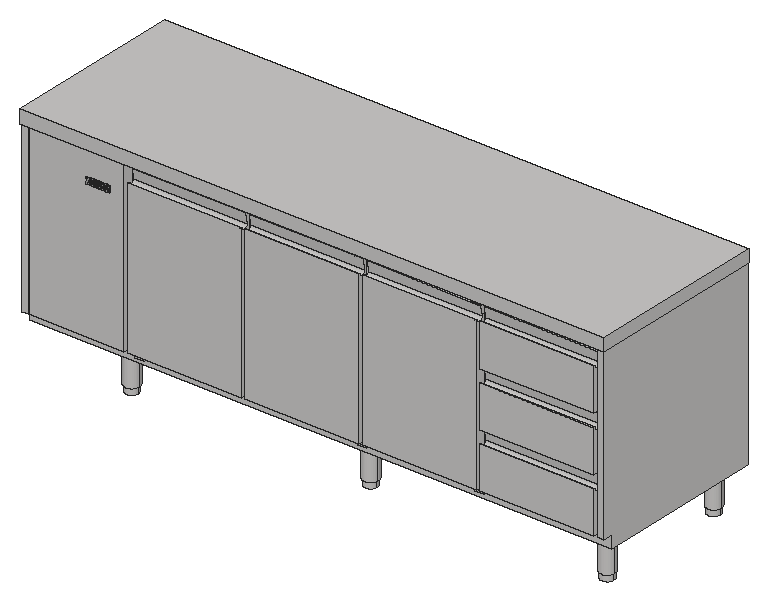
Revit family "QF_ZANUSSI_111059_ZH4HBAAAC", category Specialty Equipment, Revit 2018 (continued)
Definition of nested family "ZAN_Cooling Unit"
  Lines and regions (mm)
    Split face 120
      outline origin (55.016, 2, -185.112) x (0, 0, 1) y (-1, 0, 0)
        loop
          line (510.649, 116.535) -> (510.649, 158.547)
    Split face 121
      outline origin (55.016, 2, -197.115) x (0, 0, 1) y (-1, 0, 0)
        loop
          arc (510.649, 158.547) -> (506.648, 162.548) -> (502.647, 158.547) r 4.001
          line (502.647, 158.547) -> (502.647, 116.535)
          arc (502.647, 116.535) -> (506.648, 112.533) -> (510.649, 116.535) r 4.001
          line (510.649, 116.535) -> (510.649, 158.547)
    Split face 122
      outline origin (55.016, 2, -209.119) x (0, 0, 1) y (-1, 0, 0)
        loop
          arc (510.649, 158.547) -> (506.648, 162.548) -> (502.647, 158.547) r 4.001
          line (502.647, 158.547) -> (502.647, 116.535)
          arc (502.647, 116.535) -> (506.648, 112.533) -> (510.649, 116.535) r 4.001
          line (510.649, 116.535) -> (510.649, 158.547)
    Split face 123
      outline origin (55.016, 2, -221.122) x (0, 0, 1) y (-1, 0, 0)
        loop
          arc (510.649, 158.547) -> (506.648, 162.548) -> (502.647, 158.547) r 4.001
          line (502.647, 158.547) -> (502.647, 116.535)
          arc (502.647, 116.535) -> (506.648, 112.533) -> (510.649, 116.535) r 4.001
          line (510.649, 116.535) -> (510.649, 158.547)
    Split face 124
      outline origin (55.016, 2, -233.126) x (0, 0, 1) y (-1, 0, 0)
        loop
          arc (510.649, 158.547) -> (506.648, 162.548) -> (502.647, 158.547) r 4.001
          line (502.647, 158.547) -> (502.647, 116.535)
          arc (502.647, 116.535) -> (506.648, 112.533) -> (510.649, 116.535) r 4.001
          line (510.649, 116.535) -> (510.649, 158.547)
    Split face 125
      outline origin (55.016, 2, -245.129) x (0, 0, 1) y (-1, 0, 0)
        loop
          arc (510.649, 158.547) -> (506.648, 162.548) -> (502.647, 158.547) r 4.001
          line (502.647, 158.547) -> (502.647, 116.535)
          arc (502.647, 116.535) -> (506.648, 112.533) -> (510.649, 116.535) r 4.001
          line (510.649, 116.535) -> (510.649, 158.547)
    Split face 126
      outline origin (55.016, 2, -257.133) x (0, 0, 1) y (-1, 0, 0)
        loop
          arc (510.649, 158.547) -> (506.648, 162.548) -> (502.647, 158.547) r 4.001
          line (502.647, 158.547) -> (502.647, 116.535)
          arc (502.647, 116.535) -> (506.648, 112.533) -> (510.649, 116.535) r 4.001
          line (510.649, 116.535) -> (510.649, 158.547)
    Split face 127
      outline origin (55.016, 2, -269.136) x (0, 0, 1) y (-1, 0, 0)
        loop
          arc (510.649, 158.547) -> (506.648, 162.548) -> (502.647, 158.547) r 4.001
          line (502.647, 158.547) -> (502.647, 116.535)
          arc (502.647, 116.535) -> (506.648, 112.533) -> (510.649, 116.535) r 4.001
          line (510.649, 116.535) -> (510.649, 158.547)
    Split face 128
      outline origin (55.016, 2, -281.14) x (0, 0, 1) y (-1, 0, 0)
        loop
          arc (510.649, 158.547) -> (506.648, 162.548) -> (502.647, 158.547) r 4.001
          line (502.647, 158.547) -> (502.647, 116.535)
          arc (502.647, 116.535) -> (506.648, 112.533) -> (510.649, 116.535) r 4.001
          line (510.649, 116.535) -> (510.649, 158.547)
    Split face 129
      outline origin (55.016, 2, -293.144) x (0, 0, 1) y (-1, 0, 0)
        loop
          arc (510.649, 158.547) -> (506.648, 162.548) -> (502.647, 158.547) r 4.001
          line (502.647, 158.547) -> (502.647, 116.535)
          arc (502.647, 116.535) -> (506.648, 112.533) -> (510.649, 116.535) r 4.001
          line (510.649, 116.535) -> (510.649, 158.547)
    Split face 130
      outline origin (110.032, 2, -113.091) x (0, 0, 1) y (-1, 0, 0)
        loop
          arc (510.649, 158.547) -> (506.648, 162.548) -> (502.647, 158.547) r 4.001
          line (502.647, 158.547) -> (502.647, 116.535)
          arc (502.647, 116.535) -> (506.648, 112.533) -> (510.649, 116.535) r 4.001
          line (510.649, 116.535) -> (510.649, 158.547)
    Split face 131
      outline origin (110.032, 2, -125.094) x (0, 0, 1) y (-1, 0, 0)
        loop
          arc (510.649, 158.547) -> (506.648, 162.548) -> (502.647, 158.547) r 4.001
          line (502.647, 158.547) -> (502.647, 116.535)
          arc (502.647, 116.535) -> (506.648, 112.533) -> (510.649, 116.535) r 4.001
          line (510.649, 116.535) -> (510.649, 158.547)
    Split face 132
      outline origin (110.032, 2, -137.098) x (0, 0, 1) y (-1, 0, 0)
        loop
          arc (510.649, 158.547) -> (506.648, 162.548) -> (502.647, 158.547) r 4.001
          line (502.647, 158.547) -> (502.647, 116.535)
          arc (502.647, 116.535) -> (506.648, 112.533) -> (510.649, 116.535) r 4.001
          line (510.649, 116.535) -> (510.649, 158.547)
    Split face 133
      outline origin (110.032, 2, -149.101) x (0, 0, 1) y (-1, 0, 0)
        loop
          arc (510.649, 158.547) -> (506.648, 162.548) -> (502.647, 158.547) r 4.001
          line (502.647, 158.547) -> (502.647, 116.535)
          arc (502.647, 116.535) -> (506.648, 112.533) -> (510.649, 116.535) r 4.001
          line (510.649, 116.535) -> (510.649, 158.547)
    Split face 134
      outline origin (110.032, 2, -161.105) x (0, 0, 1) y (-1, 0, 0)
        loop
          arc (510.649, 158.547) -> (506.648, 162.548) -> (502.647, 158.547) r 4.001
          line (502.647, 158.547) -> (502.647, 116.535)
          arc (502.647, 116.535) -> (506.648, 112.533) -> (510.649, 116.535) r 4.001
          line (510.649, 116.535) -> (510.649, 158.547)
    Split face 135
      outline origin (110.032, 2, -173.108) x (0, 0, 1) y (-1, 0, 0)
        loop
          arc (510.649, 158.547) -> (506.648, 162.548) -> (502.647, 158.547) r 4.001
          line (502.647, 158.547) -> (502.647, 116.535)
          arc (502.647, 116.535) -> (506.648, 112.533) -> (510.649, 116.535) r 4.001
          line (510.649, 116.535) -> (510.649, 158.547)
    Split face 136
      outline origin (110.032, 2, -185.112) x (0, 0, 1) y (-1, 0, 0)
        loop
          arc (510.649, 158.547) -> (506.648, 162.548) -> (502.647, 158.547) r 4.001
          line (502.647, 158.547) -> (502.647, 116.535)
          arc (502.647, 116.535) -> (506.648, 112.533) -> (510.649, 116.535) r 4.001
          line (510.649, 116.535) -> (510.649, 158.547)
    Split face 137
      outline origin (110.032, 2, -197.115) x (0, 0, 1) y (-1, 0, 0)
        loop
          arc (510.649, 158.547) -> (506.648, 162.548) -> (502.647, 158.547) r 4.001
          line (502.647, 158.547) -> (502.647, 116.535)
          arc (502.647, 116.535) -> (506.648, 112.533) -> (510.649, 116.535) r 4.001
          line (510.649, 116.535) -> (510.649, 158.547)
    Split face 138
      outline origin (110.032, 2, -209.119) x (0, 0, 1) y (-1, 0, 0)
        loop
          arc (510.649, 158.547) -> (506.648, 162.548) -> (502.647, 158.547) r 4.001
          line (502.647, 158.547) -> (502.647, 116.535)
          arc (502.647, 116.535) -> (506.648, 112.533) -> (510.649, 116.535) r 4.001
          line (510.649, 116.535) -> (510.649, 158.547)
    Split face 139
      outline origin (110.032, 2, -221.122) x (0, 0, 1) y (-1, 0, 0)
        loop
          arc (510.649, 158.547) -> (506.648, 162.548) -> (502.647, 158.547) r 4.001
          line (502.647, 158.547) -> (502.647, 116.535)
          arc (502.647, 116.535) -> (506.648, 112.533) -> (510.649, 116.535) r 4.001
          line (510.649, 116.535) -> (510.649, 158.547)
    Split face 140
      outline origin (110.032, 2, -233.126) x (0, 0, 1) y (-1, 0, 0)
        loop
          arc (510.649, 158.547) -> (506.648, 162.548) -> (502.647, 158.547) r 4.001
          line (502.647, 158.547) -> (502.647, 116.535)
          arc (502.647, 116.535) -> (506.648, 112.533) -> (510.649, 116.535) r 4.001
          line (510.649, 116.535) -> (510.649, 158.547)
    Split face 141
      outline origin (110.032, 2, -245.129) x (0, 0, 1) y (-1, 0, 0)
        loop
          arc (510.649, 158.547) -> (506.648, 162.548) -> (502.647, 158.547) r 4.001
          line (502.647, 158.547) -> (502.647, 116.535)
          arc (502.647, 116.535) -> (506.648, 112.533) -> (510.649, 116.535) r 4.001
          line (510.649, 116.535) -> (510.649, 158.547)
    Split face 142
      outline origin (110.032, 2, -257.133) x (0, 0, 1) y (-1, 0, 0)
        loop
          arc (510.649, 158.547) -> (506.648, 162.548) -> (502.647, 158.547) r 4.001
          line (502.647, 158.547) -> (502.647, 116.535)
          arc (502.647, 116.535) -> (506.648, 112.533) -> (510.649, 116.535) r 4.001
          line (510.649, 116.535) -> (510.649, 158.547)
    Split face 143
      outline origin (110.032, 2, -269.136) x (0, 0, 1) y (-1, 0, 0)
        loop
          arc (510.649, 158.547) -> (506.648, 162.548) -> (502.647, 158.547) r 4.001
          line (502.647, 158.547) -> (502.647, 116.535)
          arc (502.647, 116.535) -> (506.648, 112.533) -> (510.649, 116.535) r 4.001
          line (510.649, 116.535) -> (510.649, 158.547)
    Split face 144
      outline origin (110.032, 2, -281.14) x (0, 0, 1) y (-1, 0, 0)
        loop
          arc (510.649, 158.547) -> (506.648, 162.548) -> (502.647, 158.547) r 4.001
          line (502.647, 158.547) -> (502.647, 116.535)
          arc (502.647, 116.535) -> (506.648, 112.533) -> (510.649, 116.535) r 4.001
          line (510.649, 116.535) -> (510.649, 158.547)
    Split face 145
      outline origin (110.032, 2, -293.144) x (0, 0, 1) y (-1, 0, 0)
        loop
          arc (510.649, 158.547) -> (506.648, 162.548) -> (502.647, 158.547) r 4.001
          line (502.647, 158.547) -> (502.647, 116.535)
          arc (502.647, 116.535) -> (506.648, 112.533) -> (510.649, 116.535) r 4.001
          line (510.649, 116.535) -> (510.649, 158.547)
    Split face 146
      outline origin (165.048, 2, -113.091) x (0, 0, 1) y (-1, 0, 0)
        loop
          arc (510.649, 158.547) -> (506.648, 162.548) -> (502.647, 158.547) r 4.001
          line (502.647, 158.547) -> (502.647, 116.535)
          arc (502.647, 116.535) -> (506.648, 112.533) -> (510.649, 116.535) r 4.001
          line (510.649, 116.535) -> (510.649, 158.547)
    Split face 147
      outline origin (165.048, 2, -125.094) x (0, 0, 1) y (-1, 0, 0)
        loop
          arc (510.649, 158.547) -> (506.648, 162.548) -> (502.647, 158.547) r 4.001
          line (502.647, 158.547) -> (502.647, 116.535)
          arc (502.647, 116.535) -> (506.648, 112.533) -> (510.649, 116.535) r 4.001
          line (510.649, 116.535) -> (510.649, 158.547)
    Split face 148
      outline origin (165.048, 2, -137.098) x (0, 0, 1) y (-1, 0, 0)
        loop
          arc (510.649, 158.547) -> (506.648, 162.548) -> (502.647, 158.547) r 4.001
          line (502.647, 158.547) -> (502.647, 116.535)
          arc (502.647, 116.535) -> (506.648, 112.533) -> (510.649, 116.535) r 4.001
          line (510.649, 116.535) -> (510.649, 158.547)
    Split face 149
      outline origin (165.048, 2, -149.101) x (0, 0, 1) y (-1, 0, 0)
        loop
          arc (510.649, 158.547) -> (506.648, 162.548) -> (502.647, 158.547) r 4.001
          line (502.647, 158.547) -> (502.647, 116.535)
          arc (502.647, 116.535) -> (506.648, 112.533) -> (510.649, 116.535) r 4.001
          line (510.649, 116.535) -> (510.649, 158.547)
    Split face 150
      outline origin (165.048, 2, -161.105) x (0, 0, 1) y (-1, 0, 0)
        loop
          arc (510.649, 158.547) -> (506.648, 162.548) -> (502.647, 158.547) r 4.001
          line (502.647, 158.547) -> (502.647, 116.535)
          arc (502.647, 116.535) -> (506.648, 112.533) -> (510.649, 116.535) r 4.001
          line (510.649, 116.535) -> (510.649, 158.547)
    Split face 151
      outline origin (165.048, 2, -173.108) x (0, 0, 1) y (-1, 0, 0)
        loop
          arc (510.649, 158.547) -> (506.648, 162.548) -> (502.647, 158.547) r 4.001
          line (502.647, 158.547) -> (502.647, 116.535)
          arc (502.647, 116.535) -> (506.648, 112.533) -> (510.649, 116.535) r 4.001
          line (510.649, 116.535) -> (510.649, 158.547)
    Split face 152
      outline origin (165.048, 2, -185.112) x (0, 0, 1) y (-1, 0, 0)
        loop
          arc (510.649, 158.547) -> (506.648, 162.548) -> (502.647, 158.547) r 4.001
          line (502.647, 158.547) -> (502.647, 116.535)
          arc (502.647, 116.535) -> (506.648, 112.533) -> (510.649, 116.535) r 4.001
          line (510.649, 116.535) -> (510.649, 158.547)
    Split face 153
      outline origin (165.048, 2, -197.115) x (0, 0, 1) y (-1, 0, 0)
        loop
          arc (510.649, 158.547) -> (506.648, 162.548) -> (502.647, 158.547) r 4.001
          line (502.647, 158.547) -> (502.647, 116.535)
          arc (502.647, 116.535) -> (506.648, 112.533) -> (510.649, 116.535) r 4.001
          line (510.649, 116.535) -> (510.649, 158.547)
    Split face 154
      outline origin (165.048, 2, -209.119) x (0, 0, 1) y (-1, 0, 0)
        loop
          arc (510.649, 158.547) -> (506.648, 162.548) -> (502.647, 158.547) r 4.001
          line (502.647, 158.547) -> (502.647, 116.535)
          arc (502.647, 116.535) -> (506.648, 112.533) -> (510.649, 116.535) r 4.001
          line (510.649, 116.535) -> (510.649, 158.547)
    Split face 155
      outline origin (165.048, 2, -221.122) x (0, 0, 1) y (-1, 0, 0)
        loop
          arc (510.649, 158.547) -> (506.648, 162.548) -> (502.647, 158.547) r 4.001
          line (502.647, 158.547) -> (502.647, 116.535)
          arc (502.647, 116.535) -> (506.648, 112.533) -> (510.649, 116.535) r 4.001
          line (510.649, 116.535) -> (510.649, 158.547)
    Split face 156
      outline origin (165.048, 2, -233.126) x (0, 0, 1) y (-1, 0, 0)
        loop
          arc (510.649, 158.547) -> (506.648, 162.548) -> (502.647, 158.547) r 4.001
          line (502.647, 158.547) -> (502.647, 116.535)
          arc (502.647, 116.535) -> (506.648, 112.533) -> (510.649, 116.535) r 4.001
          line (510.649, 116.535) -> (510.649, 158.547)
    Split face 157
      outline origin (165.048, 2, -245.129) x (0, 0, 1) y (-1, 0, 0)
        loop
          arc (510.649, 158.547) -> (506.648, 162.548) -> (502.647, 158.547) r 4.001
          line (502.647, 158.547) -> (502.647, 116.535)
          arc (502.647, 116.535) -> (506.648, 112.533) -> (510.649, 116.535) r 4.001
          line (510.649, 116.535) -> (510.649, 158.547)
    Split face 158
      outline origin (165.048, 2, -257.133) x (0, 0, 1) y (-1, 0, 0)
        loop
          arc (510.649, 158.547) -> (506.648, 162.548) -> (502.647, 158.547) r 4.001
          line (502.647, 158.547) -> (502.647, 116.535)
          arc (502.647, 116.535) -> (506.648, 112.533) -> (510.649, 116.535) r 4.001
          line (510.649, 116.535) -> (510.649, 158.547)
    Split face 159
      outline origin (165.048, 2, -269.136) x (0, 0, 1) y (-1, 0, 0)
        loop
          arc (510.649, 158.547) -> (506.648, 162.548) -> (502.647, 158.547) r 4.001
          line (502.647, 158.547) -> (502.647, 116.535)
          arc (502.647, 116.535) -> (506.648, 112.533) -> (510.649, 116.535) r 4.001
          line (510.649, 116.535) -> (510.649, 158.547)
    Split face 160
      outline origin (165.048, 2, -281.14) x (0, 0, 1) y (-1, 0, 0)
        loop
          arc (510.649, 158.547) -> (506.648, 162.548) -> (502.647, 158.547) r 4.001
          line (502.647, 158.547) -> (502.647, 116.535)
          arc (502.647, 116.535) -> (506.648, 112.533) -> (510.649, 116.535) r 4.001
          line (510.649, 116.535) -> (510.649, 158.547)
    Split face 161
      outline origin (165.048, 2, -293.144) x (0, 0, 1) y (-1, 0, 0)
        loop
          arc (510.649, 158.547) -> (506.648, 162.548) -> (502.647, 158.547) r 4.001
          line (502.647, 158.547) -> (502.647, 116.535)
          arc (502.647, 116.535) -> (506.648, 112.533) -> (510.649, 116.535) r 4.001
          line (510.649, 116.535) -> (510.649, 158.547)
    Split face 162
      outline origin (220.064, 2, -113.091) x (0, 0, 1) y (-1, 0, 0)
        loop
          arc (510.649, 158.547) -> (506.648, 162.548) -> (502.647, 158.547) r 4.001
          line (502.647, 158.547) -> (502.647, 116.535)
          arc (502.647, 116.535) -> (506.648, 112.533) -> (510.649, 116.535) r 4.001
          line (510.649, 116.535) -> (510.649, 158.547)
    Split face 163
      outline origin (220.064, 2, -125.094) x (0, 0, 1) y (-1, 0, 0)
        loop
          arc (510.649, 158.547) -> (506.648, 162.548) -> (502.647, 158.547) r 4.001
          line (502.647, 158.547) -> (502.647, 116.535)
          arc (502.647, 116.535) -> (506.648, 112.533) -> (510.649, 116.535) r 4.001
          line (510.649, 116.535) -> (510.649, 158.547)
    Split face 164
      outline origin (220.064, 2, -137.098) x (0, 0, 1) y (-1, 0, 0)
        loop
          arc (510.649, 158.547) -> (506.648, 162.548) -> (502.647, 158.547) r 4.001
          line (502.647, 158.547) -> (502.647, 116.535)
          arc (502.647, 116.535) -> (506.648, 112.533) -> (510.649, 116.535) r 4.001
          line (510.649, 116.535) -> (510.649, 158.547)
    Split face 165
      outline origin (220.064, 2, -149.101) x (0, 0, 1) y (-1, 0, 0)
        loop
          arc (510.649, 158.547) -> (506.648, 162.548) -> (502.647, 158.547) r 4.001
          line (502.647, 158.547) -> (502.647, 116.535)
          arc (502.647, 116.535) -> (506.648, 112.533) -> (510.649, 116.535) r 4.001
          line (510.649, 116.535) -> (510.649, 158.547)
    Split face 166
      outline origin (220.064, 2, -161.105) x (0, 0, 1) y (-1, 0, 0)
        loop
          arc (510.649, 158.547) -> (506.648, 162.548) -> (502.647, 158.547) r 4.001
          line (502.647, 158.547) -> (502.647, 116.535)
          arc (502.647, 116.535) -> (506.648, 112.533) -> (510.649, 116.535) r 4.001
          line (510.649, 116.535) -> (510.649, 158.547)
    Split face 167
      outline origin (220.064, 2, -173.108) x (0, 0, 1) y (-1, 0, 0)
        loop
          arc (510.649, 158.547) -> (506.648, 162.548) -> (502.647, 158.547) r 4.001
          line (502.647, 158.547) -> (502.647, 116.535)
          arc (502.647, 116.535) -> (506.648, 112.533) -> (510.649, 116.535) r 4.001
          line (510.649, 116.535) -> (510.649, 158.547)
    Split face 168
      outline origin (220.064, 2, -185.112) x (0, 0, 1) y (-1, 0, 0)
        loop
          arc (510.649, 158.547) -> (506.648, 162.548) -> (502.647, 158.547) r 4.001
          line (502.647, 158.547) -> (502.647, 116.535)
          arc (502.647, 116.535) -> (506.648, 112.533) -> (510.649, 116.535) r 4.001
          line (510.649, 116.535) -> (510.649, 158.547)
    Split face 169
      outline origin (220.064, 2, -197.115) x (0, 0, 1) y (-1, 0, 0)
        loop
          arc (510.649, 158.547) -> (506.648, 162.548) -> (502.647, 158.547) r 4.001
          line (502.647, 158.547) -> (502.647, 116.535)
          arc (502.647, 116.535) -> (506.648, 112.533) -> (510.649, 116.535) r 4.001
          line (510.649, 116.535) -> (510.649, 158.547)
    Split face 170
      outline origin (220.064, 2, -209.119) x (0, 0, 1) y (-1, 0, 0)
        loop
          arc (510.649, 158.547) -> (506.648, 162.548) -> (502.647, 158.547) r 4.001
          line (502.647, 158.547) -> (502.647, 116.535)
          arc (502.647, 116.535) -> (506.648, 112.533) -> (510.649, 116.535) r 4.001
          line (510.649, 116.535) -> (510.649, 158.547)
    Split face 171
      outline origin (220.064, 2, -221.122) x (0, 0, 1) y (-1, 0, 0)
        loop
          arc (510.649, 158.547) -> (506.648, 162.548) -> (502.647, 158.547) r 4.001
          line (502.647, 158.547) -> (502.647, 116.535)
          arc (502.647, 116.535) -> (506.648, 112.533) -> (510.649, 116.535) r 4.001
          line (510.649, 116.535) -> (510.649, 158.547)
    Split face 172
      outline origin (220.064, 2, -233.126) x (0, 0, 1) y (-1, 0, 0)
        loop
          arc (510.649, 158.547) -> (506.648, 162.548) -> (502.647, 158.547) r 4.001
          line (502.647, 158.547) -> (502.647, 116.535)
          arc (502.647, 116.535) -> (506.648, 112.533) -> (510.649, 116.535) r 4.001
          line (510.649, 116.535) -> (510.649, 158.547)
    Split face 173
      outline origin (220.064, 2, -245.129) x (0, 0, 1) y (-1, 0, 0)
        loop
          arc (510.649, 158.547) -> (506.648, 162.548) -> (502.647, 158.547) r 4.001
          line (502.647, 158.547) -> (502.647, 116.535)
          arc (502.647, 116.535) -> (506.648, 112.533) -> (510.649, 116.535) r 4.001
          line (510.649, 116.535) -> (510.649, 158.547)
    Split face 174
      outline origin (220.064, 2, -257.133) x (0, 0, 1) y (-1, 0, 0)
        loop
          arc (510.649, 158.547) -> (506.648, 162.548) -> (502.647, 158.547) r 4.001
          line (502.647, 158.547) -> (502.647, 116.535)
          arc (502.647, 116.535) -> (506.648, 112.533) -> (510.649, 116.535) r 4.001
          line (510.649, 116.535) -> (510.649, 158.547)
    Split face 175
      outline origin (220.064, 2, -269.136) x (0, 0, 1) y (-1, 0, 0)
        loop
          arc (510.649, 158.547) -> (506.648, 162.548) -> (502.647, 158.547) r 4.001
          line (502.647, 158.547) -> (502.647, 116.535)
          arc (502.647, 116.535) -> (506.648, 112.533) -> (510.649, 116.535) r 4.001
          line (510.649, 116.535) -> (510.649, 158.547)
    Split face 176
      outline origin (220.064, 2, -281.14) x (0, 0, 1) y (-1, 0, 0)
        loop
          arc (510.649, 158.547) -> (506.648, 162.548) -> (502.647, 158.547) r 4.001
          line (502.647, 158.547) -> (502.647, 116.535)
          arc (502.647, 116.535) -> (506.648, 112.533) -> (510.649, 116.535) r 4.001
          line (510.649, 116.535) -> (510.649, 158.547)
    Split face 177
      outline origin (220.064, 2, -293.144) x (0, 0, 1) y (-1, 0, 0)
        loop
          arc (510.649, 158.547) -> (506.648, 162.548) -> (502.647, 158.547) r 4.001
          line (502.647, 158.547) -> (502.647, 116.535)
          arc (502.647, 116.535) -> (506.648, 112.533) -> (510.649, 116.535) r 4.001
          line (510.649, 116.535) -> (510.649, 158.547)
    Split face 178
      outline origin (275.081, 2, -113.091) x (0, 0, 1) y (-1, 0, 0)
        loop
          arc (510.649, 158.547) -> (506.648, 162.548) -> (502.647, 158.547) r 4.001
          line (502.647, 158.547) -> (502.647, 116.535)
          arc (502.647, 116.535) -> (506.648, 112.533) -> (510.649, 116.535) r 4.001
          line (510.649, 116.535) -> (510.649, 158.547)
    Split face 179
      outline origin (275.081, 2, -125.094) x (0, 0, 1) y (-1, 0, 0)
        loop
          arc (510.649, 158.547) -> (506.648, 162.548) -> (502.647, 158.547) r 4.001
          line (502.647, 158.547) -> (502.647, 116.535)
          arc (502.647, 116.535) -> (506.648, 112.533) -> (510.649, 116.535) r 4.001
          line (510.649, 116.535) -> (510.649, 158.547)
    Split face 180
      outline origin (275.081, 2, -137.098) x (0, 0, 1) y (-1, 0, 0)
        loop
          arc (510.649, 158.547) -> (506.648, 162.548) -> (502.647, 158.547) r 4.001
          line (502.647, 158.547) -> (502.647, 116.535)
          arc (502.647, 116.535) -> (506.648, 112.533) -> (510.649, 116.535) r 4.001
          line (510.649, 116.535) -> (510.649, 158.547)
    Split face 181
      outline origin (275.081, 2, -149.101) x (0, 0, 1) y (-1, 0, 0)
        loop
          arc (510.649, 158.547) -> (506.648, 162.548) -> (502.647, 158.547) r 4.001
          line (502.647, 158.547) -> (502.647, 116.535)
          arc (502.647, 116.535) -> (506.648, 112.533) -> (510.649, 116.535) r 4.001
          line (510.649, 116.535) -> (510.649, 158.547)
    Split face 182
      outline origin (275.081, 2, -161.105) x (0, 0, 1) y (-1, 0, 0)
        loop
          arc (510.649, 158.547) -> (506.648, 162.548) -> (502.647, 158.547) r 4.001
          line (502.647, 158.547) -> (502.647, 116.535)
          arc (502.647, 116.535) -> (506.648, 112.533) -> (510.649, 116.535) r 4.001
          line (510.649, 116.535) -> (510.649, 158.547)
    Split face 183
      outline origin (275.081, 2, -173.108) x (0, 0, 1) y (-1, 0, 0)
        loop
          arc (510.649, 158.547) -> (506.648, 162.548) -> (502.647, 158.547) r 4.001
          line (502.647, 158.547) -> (502.647, 116.535)
          arc (502.647, 116.535) -> (506.648, 112.533) -> (510.649, 116.535) r 4.001
          line (510.649, 116.535) -> (510.649, 158.547)
    Split face 184
      outline origin (275.081, 2, -185.112) x (0, 0, 1) y (-1, 0, 0)
        loop
          arc (510.649, 158.547) -> (506.648, 162.548) -> (502.647, 158.547) r 4.001
          line (502.647, 158.547) -> (502.647, 116.535)
          arc (502.647, 116.535) -> (506.648, 112.533) -> (510.649, 116.535) r 4.001
          line (510.649, 116.535) -> (510.649, 158.547)
    Split face 185
      outline origin (275.081, 2, -197.115) x (0, 0, 1) y (-1, 0, 0)
        loop
          arc (510.649, 158.547) -> (506.648, 162.548) -> (502.647, 158.547) r 4.001
          line (502.647, 158.547) -> (502.647, 116.535)
          arc (502.647, 116.535) -> (506.648, 112.533) -> (510.649, 116.535) r 4.001
          line (510.649, 116.535) -> (510.649, 158.547)
    Split face 186
      outline origin (275.081, 2, -209.119) x (0, 0, 1) y (-1, 0, 0)
        loop
          arc (510.649, 158.547) -> (506.648, 162.548) -> (502.647, 158.547) r 4.001
          line (502.647, 158.547) -> (502.647, 116.535)
          arc (502.647, 116.535) -> (506.648, 112.533) -> (510.649, 116.535) r 4.001
          line (510.649, 116.535) -> (510.649, 158.547)
    Split face 187
      outline origin (275.081, 2, -221.122) x (0, 0, 1) y (-1, 0, 0)
        loop
          arc (510.649, 158.547) -> (506.648, 162.548) -> (502.647, 158.547) r 4.001
          line (502.647, 158.547) -> (502.647, 116.535)
          arc (502.647, 116.535) -> (506.648, 112.533) -> (510.649, 116.535) r 4.001
          line (510.649, 116.535) -> (510.649, 158.547)
    Split face 188
      outline origin (275.081, 2, -233.126) x (0, 0, 1) y (-1, 0, 0)
        loop
          arc (510.649, 158.547) -> (506.648, 162.548) -> (502.647, 158.547) r 4.001
          line (502.647, 158.547) -> (502.647, 116.535)
          arc (502.647, 116.535) -> (506.648, 112.533) -> (510.649, 116.535) r 4.001
          line (510.649, 116.535) -> (510.649, 158.547)
    Split face 189
      outline origin (275.081, 2, -245.129) x (0, 0, 1) y (-1, 0, 0)
        loop
          arc (510.649, 158.547) -> (506.648, 162.548) -> (502.647, 158.547) r 4.001
          line (502.647, 158.547) -> (502.647, 116.535)
          arc (502.647, 116.535) -> (506.648, 112.533) -> (510.649, 116.535) r 4.001
          line (510.649, 116.535) -> (510.649, 158.547)
    Split face 190
      outline origin (275.081, 2, -257.133) x (0, 0, 1) y (-1, 0, 0)
        loop
          arc (510.649, 158.547) -> (506.648, 162.548) -> (502.647, 158.547) r 4.001
          line (502.647, 158.547) -> (502.647, 116.535)
          arc (502.647, 116.535) -> (506.648, 112.533) -> (510.649, 116.535) r 4.001
          line (510.649, 116.535) -> (510.649, 158.547)
    Split face 191
      outline origin (275.081, 2, -269.136) x (0, 0, 1) y (-1, 0, 0)
        loop
          arc (510.649, 158.547) -> (506.648, 162.548) -> (502.647, 158.547) r 4.001
          line (502.647, 158.547) -> (502.647, 116.535)
          arc (502.647, 116.535) -> (506.648, 112.533) -> (510.649, 116.535) r 4.001
          line (510.649, 116.535) -> (510.649, 158.547)
    Split face 192
      outline origin (275.081, 2, -281.14) x (0, 0, 1) y (-1, 0, 0)
        loop
          arc (510.649, 158.547) -> (506.648, 162.548) -> (502.647, 158.547) r 4.001
          line (502.647, 158.547) -> (502.647, 116.535)
          arc (502.647, 116.535) -> (506.648, 112.533) -> (510.649, 116.535) r 4.001
          line (510.649, 116.535) -> (510.649, 158.547)
    Split face 193
      outline origin (275.081, 2, -293.144) x (0, 0, 1) y (-1, 0, 0)
        loop
          arc (510.649, 158.547) -> (506.648, 162.548) -> (502.647, 158.547) r 4.001
          line (502.647, 158.547) -> (502.647, 116.535)
          arc (502.647, 116.535) -> (506.648, 112.533) -> (510.649, 116.535) r 4.001
          line (510.649, 116.535) -> (510.649, 158.547)
    Split face 194
      outline origin (0, 2, 197) x (0, 0, 1) y (-1, 0, 0)
        loop
          spline (566.835, 20.381) -> (564.628, 19.058) -> (561.987, 18.027) -> (558.955, 17.386) -> (555.581, 17.244) -> (551.912, 17.703) -> (547.993, 18.863) -> (543.871, 20.83) -> (539.591, 23.706) -> (535.202, 27.594) -> (530.748, 32.597) -> (526.28, 38.824) -> (521.835, 46.362)
        loop
          spline (521.835, 58.392) -> (525.386, 49.242) -> (529.197, 41.481) -> (533.2, 35.023) -> (537.329, 29.786) -> (541.516, 25.684) -> (545.695, 22.634) -> (549.798, 20.552) -> (553.759, 19.355) -> (557.511, 18.958) -> (560.984, 19.275) -> (564.115, 20.227) -> (566.835, 21.726)
    Split face 195
      outline origin (0, 2, 197) x (0, 0, 1) y (-1, 0, 0)
        loop
          line (555.835, 149.5) -> (532.835, 149.5) -> (532.835, 94.5) -> (555.835, 94.5) -> (555.835, 149.5)
  Dimensions and locks
    aligned and locked: level to plane 2
  Nested families
    nested 1: "ZAN_Logo_S_Grey" at (85, 2, 741.213) x (1, 0, 0) z (0, -1, 0), visible <- "Show Logo", type "ZAN_Logo_S_Grey"
  Definition of nested family "ZAN_Logo_S_Grey"
    Parameters
      Default Elevation = 0 mm
    Reference planes
      plane 1 "Centro (Fronte/Retro)": y = 0
      plane 2: z = 0
      plane 3 "Centro (Sinistra/Destra)": x = 0
    Forms (mm)
      Extrusion 1, solid
        sketch origin (0, 0, 0) x (1, 0, 0) y (0, 1, 0)
          loop
            line (-1219.2, 1219.2) -> (-1219.2, -1219.2) -> (1219.2, -1219.2) -> (1219.2, 1219.2) -> (-1219.2, 1219.2)
        from 0 to -304.8
      Extrusion 2, solid
        sketch origin (17.793, -46.218, 0) x (-1, 0, 0) y (0, -1, 0)
          loop
            spline (-4.176, -58.079) -> (-3.496, -58.328) -> (-2.793, -58.512) -> (-2.075, -58.63) -> (-1.348, -58.682) -> (-0.619, -58.669) -> (0.106, -58.588) -> (0.818, -58.44) -> (1.512, -58.225) -> (2.18, -57.941) -> (2.817, -57.589) -> (3.414, -57.167) -> (3.966, -56.676)
            spline (3.966, -56.676) -> (4.293, -56.162) -> (4.575, -55.61) -> (4.81, -55.026) -> (5, -54.419) -> (5.146, -53.797) -> (5.247, -53.166) -> (5.304, -52.536) -> (5.318, -51.913) -> (5.288, -51.306) -> (5.217, -50.723) -> (5.103, -50.17) -> (4.949, -49.657)
            line (4.949, -49.657) -> (2.702, -46.428) -> (0.316, -44.323)
            spline (0.316, -44.323) -> (0.065, -44.115) -> (-0.195, -43.909) -> (-0.46, -43.704) -> (-0.729, -43.496) -> (-0.997, -43.282) -> (-1.263, -43.059) -> (-1.523, -42.825) -> (-1.774, -42.576) -> (-2.013, -42.309) -> (-2.238, -42.022) -> (-2.445, -41.712) -> (-2.632, -41.375)
            spline (-2.632, -41.375) -> (-2.666, -41.159) -> (-2.697, -40.934) -> (-2.722, -40.701) -> (-2.736, -40.465) -> (-2.736, -40.227) -> (-2.72, -39.989) -> (-2.682, -39.754) -> (-2.621, -39.524) -> (-2.533, -39.302) -> (-2.414, -39.091) -> (-2.261, -38.892) -> (-2.07, -38.708)
            line (-2.07, -38.708) -> (-0.245, -38.567)
            spline (-0.245, -38.567) -> (0.096, -38.8) -> (0.354, -39.074) -> (0.54, -39.381) -> (0.664, -39.716) -> (0.738, -40.073) -> (0.772, -40.445) -> (0.777, -40.825) -> (0.763, -41.208) -> (0.742, -41.588) -> (0.723, -41.957) -> (0.718, -42.309) -> (0.737, -42.638)
            line (0.737, -42.638) -> (5.65, -42.638)
            spline (5.65, -42.638) -> (5.708, -42.042) -> (5.741, -41.448) -> (5.747, -40.857) -> (5.723, -40.273) -> (5.668, -39.696) -> (5.58, -39.129) -> (5.457, -38.574) -> (5.297, -38.032) -> (5.098, -37.506) -> (4.857, -36.997) -> (4.574, -36.508) -> (4.247, -36.041)
            spline (4.247, -36.041) -> (3.844, -35.675) -> (3.409, -35.35) -> (2.946, -35.065) -> (2.458, -34.819) -> (1.949, -34.612) -> (1.421, -34.444) -> (0.88, -34.314) -> (0.326, -34.221) -> (-0.234, -34.165) -> (-0.8, -34.146) -> (-1.366, -34.163) -> (-1.93, -34.216)
            spline (-1.93, -34.216) -> (-2.526, -34.309) -> (-3.116, -34.448) -> (-3.695, -34.633) -> (-4.259, -34.861) -> (-4.801, -35.131) -> (-5.316, -35.444) -> (-5.799, -35.798) -> (-6.245, -36.191) -> (-6.648, -36.624) -> (-7.002, -37.095) -> (-7.303, -37.603) -> (-7.545, -38.146)
            spline (-7.545, -38.146) -> (-7.694, -38.815) -> (-7.792, -39.487) -> (-7.839, -40.158) -> (-7.836, -40.824) -> (-7.785, -41.482) -> (-7.685, -42.129) -> (-7.539, -42.762) -> (-7.347, -43.377) -> (-7.111, -43.97) -> (-6.83, -44.538) -> (-6.506, -45.078) -> (-6.141, -45.586)
            line (-6.141, -45.586) -> (-0.526, -50.64) -> (0.176, -51.482)
            spline (0.176, -51.482) -> (0.248, -51.66) -> (0.323, -51.843) -> (0.397, -52.03) -> (0.467, -52.22) -> (0.529, -52.412) -> (0.579, -52.605) -> (0.615, -52.798) -> (0.633, -52.989) -> (0.63, -53.179) -> (0.601, -53.366) -> (0.545, -53.55) -> (0.456, -53.728)
            spline (0.456, -53.728) -> (0.375, -53.892) -> (0.273, -54.034) -> (0.154, -54.155) -> (0.02, -54.258) -> (-0.126, -54.343) -> (-0.28, -54.412) -> (-0.441, -54.466) -> (-0.604, -54.508) -> (-0.767, -54.537) -> (-0.928, -54.556) -> (-1.082, -54.567) -> (-1.228, -54.57)
            line (-1.228, -54.57) -> (-2.632, -53.587) -> (-2.772, -50.64) -> (-7.405, -50.64)
            spline (-7.405, -50.64) -> (-7.41, -51.031) -> (-7.423, -51.432) -> (-7.44, -51.839) -> (-7.456, -52.251) -> (-7.469, -52.665) -> (-7.475, -53.079) -> (-7.468, -53.489) -> (-7.446, -53.894) -> (-7.404, -54.291) -> (-7.339, -54.679) -> (-7.247, -55.053) -> (-7.123, -55.412)
            spline (-7.123, -55.412) -> (-6.999, -55.693) -> (-6.837, -55.97) -> (-6.643, -56.244) -> (-6.422, -56.509) -> (-6.177, -56.765) -> (-5.913, -57.009) -> (-5.634, -57.238) -> (-5.346, -57.45) -> (-5.051, -57.643) -> (-4.755, -57.814) -> (-4.462, -57.96) -> (-4.176, -58.079)
          loop
            spline (-21.021, -55.552) -> (-20.633, -56.181) -> (-20.177, -56.736) -> (-19.661, -57.217) -> (-19.092, -57.627) -> (-18.478, -57.966) -> (-17.827, -58.237) -> (-17.147, -58.441) -> (-16.446, -58.578) -> (-15.73, -58.652) -> (-15.009, -58.662) -> (-14.29, -58.611) -> (-13.581, -58.5)
            spline (-13.581, -58.5) -> (-13.088, -58.407) -> (-12.595, -58.269) -> (-12.109, -58.088) -> (-11.636, -57.866) -> (-11.183, -57.605) -> (-10.756, -57.307) -> (-10.361, -56.974) -> (-10.004, -56.608) -> (-9.692, -56.211) -> (-9.431, -55.784) -> (-9.228, -55.33) -> (-9.089, -54.851)
            spline (-9.089, -54.851) -> (-8.873, -54.211) -> (-8.715, -53.559) -> (-8.615, -52.901) -> (-8.574, -52.241) -> (-8.592, -51.585) -> (-8.668, -50.938) -> (-8.802, -50.306) -> (-8.995, -49.693) -> (-9.247, -49.106) -> (-9.557, -48.55) -> (-9.925, -48.03) -> (-10.352, -47.551)
            line (-10.352, -47.551) -> (-15.546, -42.919) -> (-16.669, -41.234)
            spline (-16.669, -41.234) -> (-16.704, -41.021) -> (-16.735, -40.804) -> (-16.761, -40.583) -> (-16.778, -40.361) -> (-16.784, -40.139) -> (-16.774, -39.919) -> (-16.748, -39.701) -> (-16.7, -39.488) -> (-16.63, -39.28) -> (-16.533, -39.08) -> (-16.406, -38.889) -> (-16.248, -38.708)
            line (-16.248, -38.708) -> (-14.844, -38.427)
            spline (-14.844, -38.427) -> (-14.347, -38.545) -> (-13.969, -38.749) -> (-13.695, -39.028) -> (-13.508, -39.368) -> (-13.393, -39.757) -> (-13.335, -40.182) -> (-13.318, -40.63) -> (-13.326, -41.089) -> (-13.344, -41.546) -> (-13.356, -41.988) -> (-13.347, -42.403) -> (-13.3, -42.779)
            line (-13.3, -42.779) -> (-8.387, -42.638)
            spline (-8.387, -42.638) -> (-8.326, -42.034) -> (-8.288, -41.417) -> (-8.277, -40.794) -> (-8.299, -40.169) -> (-8.357, -39.548) -> (-8.457, -38.936) -> (-8.604, -38.339) -> (-8.803, -37.762) -> (-9.058, -37.21) -> (-9.375, -36.689) -> (-9.758, -36.204) -> (-10.212, -35.76)
            spline (-10.212, -35.76) -> (-10.793, -35.336) -> (-11.409, -34.976) -> (-12.054, -34.679) -> (-12.723, -34.445) -> (-13.409, -34.273) -> (-14.107, -34.163) -> (-14.811, -34.115) -> (-15.515, -34.127) -> (-16.213, -34.2) -> (-16.899, -34.333) -> (-17.568, -34.526) -> (-18.213, -34.777)
            spline (-18.213, -34.777) -> (-18.496, -34.897) -> (-18.783, -35.044) -> (-19.071, -35.216) -> (-19.357, -35.412) -> (-19.639, -35.629) -> (-19.915, -35.865) -> (-20.182, -36.119) -> (-20.438, -36.389) -> (-20.681, -36.672) -> (-20.907, -36.967) -> (-21.115, -37.272) -> (-21.301, -37.585)
            spline (-21.301, -37.585) -> (-21.55, -38.26) -> (-21.734, -38.948) -> (-21.854, -39.647) -> (-21.91, -40.351) -> (-21.901, -41.057) -> (-21.828, -41.761) -> (-21.69, -42.459) -> (-21.489, -43.148) -> (-21.222, -43.823) -> (-20.892, -44.48) -> (-20.497, -45.116) -> (-20.038, -45.726)
            line (-20.038, -45.726) -> (-14.142, -51.061) -> (-13.44, -52.886) -> (-14.002, -54.289) -> (-15.265, -54.57) -> (-16.669, -53.587) -> (-16.81, -50.78) -> (-21.582, -50.64)
            spline (-21.582, -50.64) -> (-21.558, -51.063) -> (-21.55, -51.491) -> (-21.554, -51.92) -> (-21.561, -52.35) -> (-21.567, -52.778) -> (-21.565, -53.201) -> (-21.547, -53.619) -> (-21.509, -54.029) -> (-21.444, -54.43) -> (-21.345, -54.818) -> (-21.206, -55.193) -> (-21.021, -55.552)
          loop
            line (-22.424, -34.216) -> (-27.337, -34.216) -> (-27.337, -58.22) -> (-22.424, -58.22) -> (-22.424, -34.216)
          loop
            line (14.213, -39.971) -> (14.213, -58.22) -> (19.126, -58.22) -> (19.126, -42.077) -> (18.845, -38.146) -> (18.424, -37.164) -> (17.442, -35.9) -> (16.459, -35.199) -> (14.494, -34.356) -> (13.511, -34.216) -> (11.265, -34.216) -> (10.142, -34.497) -> (8.458, -35.479) -> (6.493, -38.287) -> (6.352, -39.269) -> (6.352, -58.22) -> (11.265, -58.22) -> (11.265, -40.392) -> (11.827, -39.129) -> (13.371, -38.988) -> (14.213, -39.971)
          loop
            line (20.249, -58.22) -> (24.741, -58.22) -> (24.741, -42.919) -> (28.812, -58.22) -> (34.006, -58.22) -> (34.006, -34.216) -> (29.654, -34.216) -> (29.654, -50.078) -> (25.583, -34.216) -> (20.249, -34.216) -> (20.249, -58.22)
          loop
            line (50.149, -58.22) -> (62.361, -58.22) -> (62.361, -53.728) -> (55.904, -53.868) -> (62.923, -39.129) -> (62.923, -34.216) -> (50.149, -34.216) -> (50.149, -39.129) -> (57.517, -39.129) -> (50.149, -54.149) -> (50.149, -58.22)
          loop
            line (38.778, -58.22) -> (45.516, -58.22) -> (49.868, -34.216) -> (44.814, -34.216) -> (44.113, -38.848) -> (40.042, -38.848) -> (39.34, -34.216) -> (34.286, -34.216) -> (38.778, -58.22)
          loop
            line (43.551, -43.2) -> (40.744, -43.2) -> (42.147, -54.117) -> (43.551, -43.2)
        from 0 to 1.644
    Dimensions and locks
      aligned and locked: plane 2 to Extrusion 1
      aligned and locked: level to Extrusion 1
Definition of nested family "Refrigerator"
  Reference planes
    plane 1 "Center (Front/Back)": y = 0
    plane 2: z = 0
    plane 3 "Center (Left/Right)": x = 0
  Lines and regions (mm)
    detail lines, in view "Ref. Level"
      curve 1: spline (-500, 190, 0) -> (-493.185, 166.706, 0) -> (-473.205, 145, 0) -> (-441.421, 126.36, 0) -> (-400, 112.058, 0) -> (-351.764, 103.067, 0) -> (-300, 100, 0) -> (-248.236, 103.067, 0) -> (-200, 112.058, 0) -> (-158.579, 126.36, 0) -> (-126.795, 145, 0) -> (-106.815, 166.706, 0) -> (-100, 190, 0) -> (-106.815, 213.294, 0) -> (-126.795, 235, 0) -> (-158.579, 253.64, 0) -> (-200, 267.942, 0) -> (-248.236, 276.933, 0) -> (-300, 280, 0) -> (-351.764, 276.933, 0) -> (-400, 267.942, 0) -> (-441.421, 253.64, 0) -> (-473.205, 235, 0) -> (-493.185, 213.294, 0) -> (-500, 190, 0)
      curve 2: line (-300, 130, 0) -> (-300, 250, 0)
      curve 3: line (-351.962, 220, 0) -> (-248.038, 160, 0)
      curve 4: line (-351.962, 160, 0) -> (-248.038, 220, 0)
      curve 5: line (-280.884, 246.873, 0) -> (-300, 225, 0)
      curve 6: line (-300, 225, 0) -> (-319.116, 246.873, 0)
      curve 7: line (-330.311, 207.5, 0) -> (-339.696, 234.992, 0)
      curve 8: line (-358.812, 201.882, 0) -> (-330.311, 207.5, 0)
      curve 9: line (-330.311, 172.5, 0) -> (-358.812, 178.118, 0)
      curve 10: line (-339.696, 145.008, 0) -> (-330.311, 172.5, 0)
      curve 11: line (-300, 155, 0) -> (-319.116, 133.127, 0)
      curve 12: line (-280.884, 133.127, 0) -> (-300, 155, 0)
      curve 13: line (-269.689, 172.5, 0) -> (-260.304, 145.008, 0)
      curve 14: line (-241.188, 178.118, 0) -> (-269.689, 172.5, 0)
      curve 15: line (-269.689, 207.5, 0) -> (-241.188, 201.882, 0)
      curve 16: line (-260.304, 234.992, 0) -> (-269.689, 207.5, 0)
